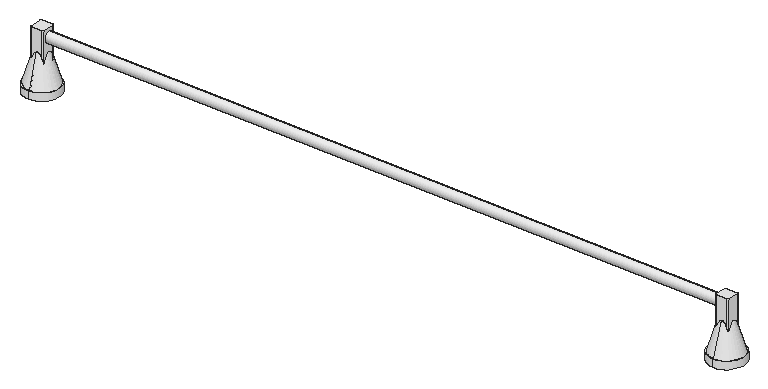
Revit family "Towel_Bar-American_Standard-Glenmere-7617024_Series", category Specialty Equipment, host Face, Revit 2019
Family settings
  Host = Face
  Round Connector Dimension = Use Diameter
  Part Type = Normal
  OmniClass Number = 23.40.20.21.27
  OmniClass Title = Towel Bars
  Cut with Voids When Loaded = No
  Shared = Yes
  Room Calculation Point = No
Parameters (values of type "7617024.002")
  URL = "http://www.americanstandard-us.com"
  Type Comments = ""
  Revised Date = "02/27/2024"  # constant formula
  Product Page URL = "https://www.americanstandard-us.com/Towel-Bars/Glenmere-24-inch-Towel-Bar/CHROME-7617024002"
  Model = "7617024.002"
  Material = "Metal-American Standard-002-Polished Chrome"
  Manufacturer = "American Standard"
  Length = 24"  # constant formula
  Installation Type = "Wall Mounted"
  Finish = Metal-American Standard-002-Polished Chrome
  Description = "Glenmere 24-inch Towel Bar"
  Default Elevation = 40"
  Creation Date = "09/30/2022"  # constant formula
  Assembly Code = "C1030220"
Types (5): name | Product Page URL | Model | Material | Finish
  (no name) | "https://www.americanstandard-us.com/Towel-Bars/Glenmere-24-inch-Towel-Bar/CHROME-7617024002" | "7617024.002" | "Metal-American Standard-002-Polished Chrome" | Metal-American Standard-002-Polished Chrome
  7617024.002 | "https://www.americanstandard-us.com/Towel-Bars/Glenmere-24-inch-Towel-Bar/CHROME-7617024002" | "7617024.002" | "Metal-American Standard-002-Polished Chrome" | Metal-American Standard-002-Polished Chrome
  7617024.243 | "https://www.americanstandard-us.com/Towel-Bars/Glenmere-24-inch-Towel-Bar/MATTE-BLACK-7617024243" | "7617024.243" | "Metal-American Standard-243-Matte Black" | Metal-American Standard-243-Matte Black
  7617024.278 | "https://www.americanstandard-us.com/Towel-Bars/Glenmere-24-inch-Towel-Bar/LEGACY-BRONZE-7617024278" | "7617024.278" | "Metal-American Standard-278-Legacy Bronze" | Metal-American Standard-278-Legacy Bronze
  7617024.295 | "https://www.americanstandard-us.com/Towel-Bars/Glenmere-24-inch-Towel-Bar/BRUSHED-NICKEL-7617024295" | "7617024.295" | "Metal-American Standard-295-Brushed Nickel" | Metal-American Standard-295-Brushed Nickel
Reference planes (in)
  plane 1 "Center (Front/Back)": y = 0
  plane 2: z = 0
  plane 3 "Center (Left/Right)": x = 0
  plane 4 "Floor Level": y = -40
  plane 5: y = 0.59375
  plane 6: y = -0.59375
  plane 7: x = 12
  plane 8: x = -12
Forms (in)
  Extrusion 1, solid, material "Metal-American Standard-002-Polished Chrome" <- "Finish"
    sketch origin (3, 0, -1.96882) x (0, 0, -1) y (0, 1, 0)
      loop
        circle (-3.75, 0) r 0.17192
    from -15 to 9
  Extrusion 2, solid, material "Metal-American Standard-002-Polished Chrome" <- "Finish"
    sketch origin (1, 0, 0) x (-1, 0, 0) y (0, -1, 0)
      loop
        arc (-11.18327, -0.22591) -> (-11.00069, -0.23386) -> (-10.8181, -0.22603) r 2.11554
        arc (-10.8181, -0.22603) -> (-10.78799, -0.21201) -> (-10.77397, -0.1819) r 0.04848
        arc (-10.77397, -0.1819) -> (-10.76614, 0.00069) -> (-10.77409, 0.18327) r 2.11554
        arc (-10.77409, 0.18327) -> (-10.78765, 0.21235) -> (-10.81673, 0.22591) r 0.04688
        arc (-10.81673, 0.22591) -> (-11, 0.23386) -> (-11.18327, 0.22591) r 2.11554
        arc (-11.18327, 0.22591) -> (-11.21235, 0.21235) -> (-11.22591, 0.18327) r 0.04688
        arc (-11.22591, 0.18327) -> (-11.23386, 0) -> (-11.22591, -0.18327) r 2.11554
        arc (-11.22591, -0.18327) -> (-11.21235, -0.21235) -> (-11.18327, -0.22591) r 0.04688
    from 0 to 2.04405
  Extrusion 3, solid, material "Metal-American Standard-002-Polished Chrome" <- "Finish"
    sketch origin (-1, 0, 0) x (1, 0, 0) y (0, 1, 0)
      loop
        arc (-11.18327, 0.22591) -> (-11.21235, 0.21235) -> (-11.22591, 0.18327) r 0.04688
        arc (-11.22591, 0.18327) -> (-11.23386, 0) -> (-11.22591, -0.18327) r 2.11554
        arc (-11.22591, -0.18327) -> (-11.21235, -0.21235) -> (-11.18327, -0.22591) r 0.04688
        arc (-11.18327, -0.22591) -> (-11, -0.23386) -> (-10.81673, -0.22591) r 2.11554
        arc (-10.81673, -0.22591) -> (-10.78765, -0.21235) -> (-10.77409, -0.18327) r 0.04688
        arc (-10.77409, -0.18327) -> (-10.76614, -0.00069) -> (-10.77397, 0.1819) r 2.11554
        arc (-10.77397, 0.1819) -> (-10.78799, 0.21201) -> (-10.8181, 0.22603) r 0.04848
        arc (-10.8181, 0.22603) -> (-11.00069, 0.23386) -> (-11.18327, 0.22591) r 2.11554
    from 0 to 2.04405
  Revolve 4, solid, material "Metal-American Standard-002-Polished Chrome" <- "Finish"
    sketch origin (12, 0, -0.125) x (0, 0, -1) y (0, 1, 0)
      loop
        line (-0.125, 0) -> (-0.125, 0.59375) -> (-0.375, 0.59375) -> (-0.375, 0.55412) -> (-1.46127, 0.22201) -> (-1.46127, 0) -> (-0.125, 0)
      axis (-1.46127, 0) -> (-0.125, 0)
    angle from 0 to 360
  Revolve 5, solid, material "Metal-American Standard-002-Polished Chrome" <- "Finish"
    sketch origin (-12, 0, -0.125) x (0, 0, -1) y (0, -1, 0)
      loop
        line (-0.125, 0) -> (-1.46127, 0) -> (-1.46127, -0.22201) -> (-0.375, -0.55412) -> (-0.375, -0.59375) -> (-0.125, -0.59375) -> (-0.125, 0)
      axis (-1.46127, 0) -> (-0.125, 0)
    angle from 0 to 360
Cuts and joins
  joined: Extrusion 1, Extrusion 2
Lines and regions (in)
  Masking region 1
    outline origin (0, 0, 0) x (1, 0, 0) y (0, 0, 1)
      loop
        line (12.59375, 0) -> (12.59375, 0.25) -> (12.55412, 0.25) -> (12.23223, 1.30284) -> (12.23223, 2.04405) -> (11.76614, 2.04405) -> (11.76614, 1.9531) -> (-11.76614, 1.9531) -> (-11.76614, 2.04405) -> (-12.23223, 2.04405) -> (-12.23223, 1.30284) -> (-12.55412, 0.25) -> (-12.59375, 0.25) -> (-12.59375, 0) -> (-11.40625, 0) -> (-11.40625, 0.25) -> (-11.44588, 0.25) -> (-11.76614, 1.29751) -> (-11.76614, 1.61115) -> (11.76777, 1.61115) -> (11.76777, 1.30284) -> (11.44588, 0.25) -> (11.40625, 0.25) -> (11.40625, 0) -> (12.59375, 0)
  symbolic lines, detail levels medium+fine
    curve 1: line (-12.55412, 0, 0.25) -> (-11.40625, 0, 0.25)
    curve 2: line (12.59375, 0, 0.25) -> (11.40625, 0, 0.25)
  symbolic lines, detail levels fine
    curve 3: line (11.76614, 0, 1.9531) -> (11.76614, 0, 1.60927)
    curve 4: line (-11.76614, 0, 1.9531) -> (-11.76614, 0, 1.61115)
Dimensions and locks (in)
  "Default Elevation": plane 4 "Floor Level" to plane 1 "Center (Front/Back)"
  plane 5 to plane 6 = 1 3/16"
  equal spacing: plane 8, plane 3 "Center (Left/Right)", plane 7
  plane 8 to plane 7 = 24"
  aligned and locked: plane 2 to host face
  aligned and locked: level to host face
  aligned and locked: Extrusion 1 to plane 7
  aligned and locked: Extrusion 1 to plane 8
Automatic sketch dimensions
  level to curve 1 = 1/4"
  curve 1 to plane 8 = 0.55412"
  plane 8 to curve 4 = 0.23386"
  plane 8 to curve 1 = 19/32"
  level to curve 2 = 1/4"
  plane 7 to curve 2 = 19/32"
  plane 7 to curve 3 = 0.23386"
  curve 2 to plane 7 = 19/32"
  curve 2 to curve 3 = 1.35927"
  curve 1 to curve 4 = 1.36115"
  curve 3 to curve 3 = 0.34383"
  curve 4 to curve 4 = 0.34195"
  host sketch curve to host sketch curve = 96"  (x2)
  Extrusion 1 sketch curve to plane 1 "Center (Front/Back)" = 0"
  level to Extrusion 1 sketch curve = 1.78118"
  plane 1 "Center (Front/Back)" to Extrusion 2 sketch curve = 0"  (x2)
  Extrusion 2 sketch curve to plane 7 = 0"  (x2)
  plane 7 to Extrusion 2 sketch curve = 0.17921"  (x2)
  Extrusion 2 sketch curve to Extrusion 2 sketch curve = 1.70247"  (x2)
  Extrusion 2 sketch curve to plane 7 = 0.17773"
  Extrusion 2 sketch curve to plane 7 = 0.17921"
  Extrusion 2 sketch curve to plane 1 "Center (Front/Back)" = 0.17921"  (x2)
  Extrusion 2 sketch curve to plane 6 = 1.28793"
  plane 1 "Center (Front/Back)" to Extrusion 2 sketch curve = 0.17773"
  plane 1 "Center (Front/Back)" to Extrusion 2 sketch curve = 0.17921"
  Extrusion 2 sketch curve to plane 5 = 1.28793"
  Extrusion 2 sketch curve to Extrusion 2 sketch curve = 0.00406"  (x2)
  Extrusion 2 sketch curve to Extrusion 2 sketch curve = 0"  (x6)
  plane 1 "Center (Front/Back)" to Extrusion 3 sketch curve = 0"  (x2)
  Extrusion 3 sketch curve to plane 8 = 0"  (x2)
  Extrusion 3 sketch curve to plane 8 = 0.17921"  (x2)
  Extrusion 3 sketch curve to Extrusion 3 sketch curve = 1.70247"  (x2)
  plane 8 to Extrusion 3 sketch curve = 0.17773"
  plane 8 to Extrusion 3 sketch curve = 0.17921"
  plane 1 "Center (Front/Back)" to Extrusion 3 sketch curve = 0.17921"  (x2)
  plane 6 to Extrusion 3 sketch curve = 1.28793"
  Extrusion 3 sketch curve to plane 1 "Center (Front/Back)" = 0.17773"
  Extrusion 3 sketch curve to plane 1 "Center (Front/Back)" = 0.17921"
  plane 5 to Extrusion 3 sketch curve = 1.28793"
  Extrusion 3 sketch curve to Extrusion 3 sketch curve = 0.00406"  (x2)
  Extrusion 3 sketch curve to Extrusion 3 sketch curve = 0"  (x6)
  Masking region 1 sketch curve to level = 0"  (x2)
  level to Masking region 1 sketch curve = 1/4"  (x4)
  Masking region 1 sketch curve to plane 8 = 19/32"
  Masking region 1 sketch curve to Masking region 1 sketch curve = 0.03963"  (x4)
  Masking region 1 sketch curve to plane 8 = 0.23223"
  plane 8 to Masking region 1 sketch curve = 0.23386"  (x2)
  plane 8 to Masking region 1 sketch curve = 0.55412"
  plane 7 to Masking region 1 sketch curve = 19/32"
  plane 7 to Masking region 1 sketch curve = 0.23386"
  plane 7 to Masking region 1 sketch curve = 0.23223"
  Masking region 1 sketch curve to plane 7 = 0.23223"
  Masking region 1 sketch curve to plane 7 = 0.55412"
  Masking region 1 sketch curve to Masking region 1 sketch curve = 1.04751"
  Masking region 1 sketch curve to Masking region 1 sketch curve = 0.00533"
  Masking region 1 sketch curve to Masking region 1 sketch curve = 1.05284"
  Masking region 1 sketch curve to Masking region 1 sketch curve = 0"
  Masking region 1 sketch curve to Masking region 1 sketch curve = 0.31364"
  Masking region 1 sketch curve to Masking region 1 sketch curve = 0.34195"
  Masking region 1 sketch curve to Masking region 1 sketch curve = 0.09095"  (x2)
  Revolve 4 sketch curve to plane 1 "Center (Front/Back)" = 0"  (x2)
  Revolve 4 sketch curve to plane 5 = 0"
  Revolve 4 sketch curve to level = 0"
  Revolve 4 sketch curve to plane 5 = 0.03963"
  level to Revolve 4 sketch curve = 1/4"
  Revolve 4 sketch curve to Revolve 4 sketch curve = 1.08627"
  Revolve 4 sketch curve to Revolve 4 sketch curve = 0.22201"
  Revolve 4 sketch curve to Revolve 4 sketch curve = 1.55539"
  Revolve 4 sketch curve to Revolve 4 sketch curve = 0.85834"
  Revolve 5 sketch curve to plane 1 "Center (Front/Back)" = 0"  (x2)
  Revolve 5 sketch curve to plane 5 = 0"
  Revolve 5 sketch curve to level = 0"
  Revolve 5 sketch curve to plane 5 = 0.03963"
  level to Revolve 5 sketch curve = 1/4"
  Revolve 5 sketch curve to Revolve 5 sketch curve = 1.08627"
  Revolve 5 sketch curve to Revolve 5 sketch curve = 0.22201"
  Revolve 5 sketch curve to Revolve 5 sketch curve = 1.55539"
  Revolve 5 sketch curve to level = 0.85834"
  radius of Extrusion 1 sketch curve = 0.17192"
